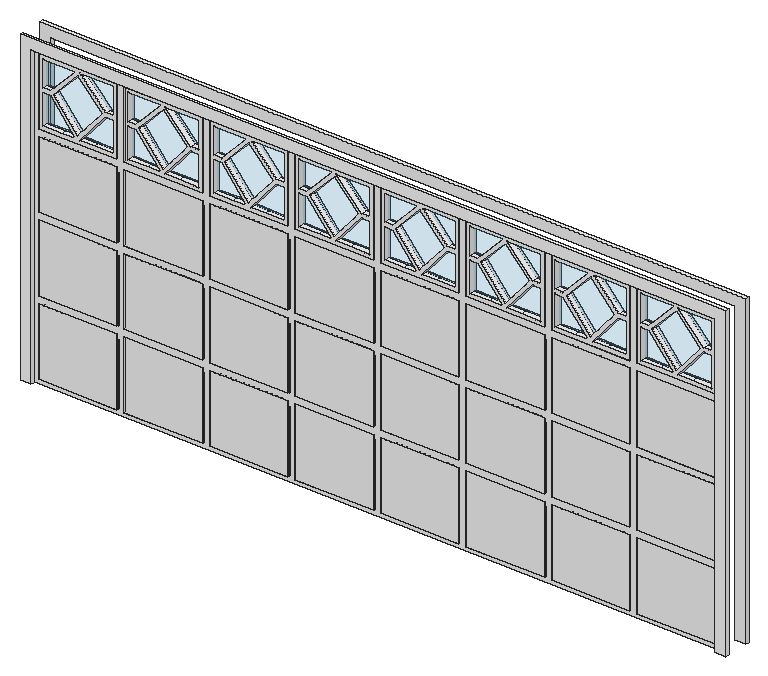
Revit family
Parameters (values of type "1639_Overhead_Panel_Garage_Door_Colonial_1953")
  Frame Projection Ext. = 0' - 1"
  Frame Projection Int. = 0' - 1"
  Frame Width = 0' - 3"
  Height = 7' - 0"
  Wall Closure = (empty or 0)
  Width = 16' - 0"
  Assembly Code = ""
Reference planes (in)
  plane 1 "Center (Front/Back)": y = 0
  plane 2 "Center (Left/Right)": x = 0
  plane 3 "Left": x = -96
  plane 4 "Right": x = 96
  plane 5 "Top": z = 84
  plane 6: x = 72
  plane 7: x = 48
  plane 8: x = 24
  plane 9: x = 0
  plane 10: x = -24
  plane 11: x = -48
  plane 12: x = -72
  plane 13: z = 63
  plane 14: z = 42
  plane 15: z = 21
  plane 16: z = 84
  plane 17: z = 0
  plane 18: z = 0
  plane 19: x = -96
Forms (in)
  Extrusion 1, solid, material "White"
    sketch origin (-90, 3, 0) x (-1, 0, 0) y (0, 0, 1)
      loop
        line (-186, 84) -> (6, 84) -> (6, 0) -> (9, 0) -> (9, 87) -> (-189, 87) -> (-189, 0) -> (-186, 0) -> (-186, 84)
    from 0 to 1
  Extrusion 2, solid, material "JOSHUA(DEFAULT)"
    sketch origin (-90, -3, 0) x (1, 0, 0) y (0, 0, 1)
      loop
        line (-6, 0) -> (-6, 84) -> (186, 84) -> (186, 0) -> (189, 0) -> (189, 87) -> (-9, 87) -> (-9, 0) -> (-6, 0)
    from 0 to 1
  Extrusion 3, solid, material "White"
    sketch origin (0, 0, 0) x (1, 0, 0) y (0, 0, 1)
      loop
        line (96, 84) -> (-96, 84) -> (-96, 0) -> (96, 0) -> (96, 84)
      loop
        line (95, 83) -> (73, 83) -> (73, 64) -> (95, 64) -> (95, 83)
      loop
        line (71, 83) -> (49, 83) -> (49, 64) -> (71, 64) -> (71, 83)
      loop
        line (47, 83) -> (25, 83) -> (25, 64) -> (47, 64) -> (47, 83)
      loop
        line (23, 83) -> (1, 83) -> (1, 64) -> (23, 64) -> (23, 83)
      loop
        line (-1, 83) -> (-23, 83) -> (-23, 64) -> (-1, 64) -> (-1, 83)
      loop
        line (-25, 83) -> (-47, 83) -> (-47, 64) -> (-25, 64) -> (-25, 83)
      loop
        line (-49, 83) -> (-71, 83) -> (-71, 64) -> (-49, 64) -> (-49, 83)
      loop
        line (-73, 83) -> (-95, 83) -> (-95, 64) -> (-73, 64) -> (-73, 83)
      loop
        line (95, 62) -> (73, 62) -> (73, 43) -> (95, 43) -> (95, 62)
      loop
        line (95, 20) -> (73, 20) -> (73, 1) -> (95, 1) -> (95, 20)
      loop
        line (95, 41) -> (73, 41) -> (73, 22) -> (95, 22) -> (95, 41)
      loop
        line (71, 41) -> (49, 41) -> (49, 22) -> (71, 22) -> (71, 41)
      loop
        line (71, 20) -> (49, 20) -> (49, 1) -> (71, 1) -> (71, 20)
      loop
        line (71, 62) -> (49, 62) -> (49, 43) -> (71, 43) -> (71, 62)
      loop
        line (47, 62) -> (25, 62) -> (25, 43) -> (47, 43) -> (47, 62)
      loop
        line (47, 41) -> (25, 41) -> (25, 22) -> (47, 22) -> (47, 41)
      loop
        line (47, 20) -> (25, 20) -> (25, 1) -> (47, 1) -> (47, 20)
      loop
        line (23, 62) -> (1, 62) -> (1, 43) -> (23, 43) -> (23, 62)
      loop
        line (23, 41) -> (1, 41) -> (1, 22) -> (23, 22) -> (23, 41)
      loop
        line (23, 20) -> (1, 20) -> (1, 1) -> (23, 1) -> (23, 20)
      loop
        line (-1, 62) -> (-23, 62) -> (-23, 43) -> (-1, 43) -> (-1, 62)
      loop
        line (-25, 41) -> (-47, 41) -> (-47, 22) -> (-25, 22) -> (-25, 41)
      loop
        line (-49, 20) -> (-71, 20) -> (-71, 1) -> (-49, 1) -> (-49, 20)
      loop
        line (-49, 62) -> (-71, 62) -> (-71, 43) -> (-49, 43) -> (-49, 62)
      loop
        line (-73, 62) -> (-95, 62) -> (-95, 43) -> (-73, 43) -> (-73, 62)
      loop
        line (-73, 41) -> (-95, 41) -> (-95, 22) -> (-73, 22) -> (-73, 41)
      loop
        line (-73, 20) -> (-95, 20) -> (-95, 1) -> (-73, 1) -> (-73, 20)
      loop
        line (-49, 41) -> (-71, 41) -> (-71, 22) -> (-49, 22) -> (-49, 41)
      loop
        line (-25, 62) -> (-47, 62) -> (-47, 43) -> (-25, 43) -> (-25, 62)
      loop
        line (-1, 41) -> (-23, 41) -> (-23, 22) -> (-1, 22) -> (-1, 41)
      loop
        line (-25, 20) -> (-47, 20) -> (-47, 1) -> (-25, 1) -> (-25, 20)
      loop
        line (-23, 20) -> (-23, 1) -> (-1, 1) -> (-1, 20) -> (-23, 20)
    from 2.5 to 0
  Blend 4, solid, material "White"
    base sketch origin (0, 0, 0) x (1, 0, 0) y (0, 0, 1)
      loop
        line (95, 62) -> (73, 62) -> (73, 43) -> (95, 43) -> (95, 62)
    top sketch origin (0, 0, 0) x (1, 0, 0) y (0, 0, 1)
      loop
        line (94, 61) -> (74, 61) -> (74, 44) -> (94, 44) -> (94, 61)
    from 2 to 0.5
  Extrusion 5, solid, material "White"
    sketch origin (0, 0, 0) x (1, 0, 0) y (0, 0, 1)
      loop
        line (95, 62) -> (73, 62) -> (73, 43) -> (95, 43) -> (95, 62)
    from 2 to 2.5
  Blend 6, solid, material "White"
    base sketch origin (-24, 0, 0) x (1, 0, 0) y (0, 0, 1)
      loop
        line (95, 62) -> (73, 62) -> (73, 43) -> (95, 43) -> (95, 62)
    top sketch origin (-24, 0, 0) x (1, 0, 0) y (0, 0, 1)
      loop
        line (94, 61) -> (74, 61) -> (74, 44) -> (94, 44) -> (94, 61)
    from 2 to 0.5
  Extrusion 7, solid, material "White"
    sketch origin (-24, 0, 0) x (1, 0, 0) y (0, 0, 1)
      loop
        line (95, 62) -> (73, 62) -> (73, 43) -> (95, 43) -> (95, 62)
    from 2 to 2.5
  Blend 8, solid, material "White"
    base sketch origin (-48, 0, 0) x (1, 0, 0) y (0, 0, 1)
      loop
        line (95, 62) -> (73, 62) -> (73, 43) -> (95, 43) -> (95, 62)
    top sketch origin (-48, 0, 0) x (1, 0, 0) y (0, 0, 1)
      loop
        line (94, 61) -> (74, 61) -> (74, 44) -> (94, 44) -> (94, 61)
    from 2 to 0.5
  Extrusion 9, solid, material "White"
    sketch origin (-48, 0, 0) x (1, 0, 0) y (0, 0, 1)
      loop
        line (95, 62) -> (73, 62) -> (73, 43) -> (95, 43) -> (95, 62)
    from 2 to 2.5
  Blend 10, solid, material "White"
    base sketch origin (-72, 0, 0) x (1, 0, 0) y (0, 0, 1)
      loop
        line (95, 62) -> (73, 62) -> (73, 43) -> (95, 43) -> (95, 62)
    top sketch origin (-72, 0, 0) x (1, 0, 0) y (0, 0, 1)
      loop
        line (94, 61) -> (74, 61) -> (74, 44) -> (94, 44) -> (94, 61)
    from 2 to 0.5
  Extrusion 11, solid, material "White"
    sketch origin (-72, 0, 0) x (1, 0, 0) y (0, 0, 1)
      loop
        line (95, 62) -> (73, 62) -> (73, 43) -> (95, 43) -> (95, 62)
    from 2 to 2.5
  Blend 12, solid, material "White"
    base sketch origin (-96, 0, 0) x (1, 0, 0) y (0, 0, 1)
      loop
        line (95, 62) -> (73, 62) -> (73, 43) -> (95, 43) -> (95, 62)
    top sketch origin (-96, 0, 0) x (1, 0, 0) y (0, 0, 1)
      loop
        line (94, 61) -> (74, 61) -> (74, 44) -> (94, 44) -> (94, 61)
    from 2 to 0.5
  Extrusion 13, solid, material "White"
    sketch origin (-96, 0, 0) x (1, 0, 0) y (0, 0, 1)
      loop
        line (95, 62) -> (73, 62) -> (73, 43) -> (95, 43) -> (95, 62)
    from 2 to 2.5
  Blend 14, solid, material "White"
    base sketch origin (-120, 0, 0) x (1, 0, 0) y (0, 0, 1)
      loop
        line (95, 62) -> (73, 62) -> (73, 43) -> (95, 43) -> (95, 62)
    top sketch origin (-120, 0, 0) x (1, 0, 0) y (0, 0, 1)
      loop
        line (94, 61) -> (74, 61) -> (74, 44) -> (94, 44) -> (94, 61)
    from 2 to 0.5
  Extrusion 15, solid, material "White"
    sketch origin (-120, 0, 0) x (1, 0, 0) y (0, 0, 1)
      loop
        line (95, 62) -> (73, 62) -> (73, 43) -> (95, 43) -> (95, 62)
    from 2 to 2.5
  Blend 16, solid, material "White"
    base sketch origin (-144, 0, 0) x (1, 0, 0) y (0, 0, 1)
      loop
        line (95, 62) -> (73, 62) -> (73, 43) -> (95, 43) -> (95, 62)
    top sketch origin (-144, 0, 0) x (1, 0, 0) y (0, 0, 1)
      loop
        line (94, 61) -> (74, 61) -> (74, 44) -> (94, 44) -> (94, 61)
    from 2 to 0.5
  Extrusion 17, solid, material "White"
    sketch origin (-144, 0, 0) x (1, 0, 0) y (0, 0, 1)
      loop
        line (95, 62) -> (73, 62) -> (73, 43) -> (95, 43) -> (95, 62)
    from 2 to 2.5
  Blend 18, solid, material "White"
    base sketch origin (0, 0, -21) x (1, 0, 0) y (0, 0, 1)
      loop
        line (95, 62) -> (73, 62) -> (73, 43) -> (95, 43) -> (95, 62)
    top sketch origin (0, 0, -21) x (1, 0, 0) y (0, 0, 1)
      loop
        line (94, 61) -> (74, 61) -> (74, 44) -> (94, 44) -> (94, 61)
    from 2 to 0.5
  Extrusion 19, solid, material "White"
    sketch origin (0, 0, -21) x (1, 0, 0) y (0, 0, 1)
      loop
        line (95, 62) -> (73, 62) -> (73, 43) -> (95, 43) -> (95, 62)
    from 2 to 2.5
  Blend 20, solid, material "White"
    base sketch origin (0, 0, -42) x (1, 0, 0) y (0, 0, 1)
      loop
        line (95, 62) -> (73, 62) -> (73, 43) -> (95, 43) -> (95, 62)
    top sketch origin (0, 0, -42) x (1, 0, 0) y (0, 0, 1)
      loop
        line (94, 61) -> (74, 61) -> (74, 44) -> (94, 44) -> (94, 61)
    from 2 to 0.5
  Extrusion 21, solid, material "White"
    sketch origin (0, 0, -42) x (1, 0, 0) y (0, 0, 1)
      loop
        line (95, 62) -> (73, 62) -> (73, 43) -> (95, 43) -> (95, 62)
    from 2 to 2.5
  Blend 22, solid, material "White"
    base sketch origin (-24, 0, -21) x (1, 0, 0) y (0, 0, 1)
      loop
        line (95, 62) -> (73, 62) -> (73, 43) -> (95, 43) -> (95, 62)
    top sketch origin (-24, 0, -21) x (1, 0, 0) y (0, 0, 1)
      loop
        line (94, 61) -> (74, 61) -> (74, 44) -> (94, 44) -> (94, 61)
    from 2 to 0.5
  Extrusion 23, solid, material "White"
    sketch origin (-24, 0, -21) x (1, 0, 0) y (0, 0, 1)
      loop
        line (95, 62) -> (73, 62) -> (73, 43) -> (95, 43) -> (95, 62)
    from 2 to 2.5
  Blend 24, solid, material "White"
    base sketch origin (-24, 0, -42) x (1, 0, 0) y (0, 0, 1)
      loop
        line (95, 62) -> (73, 62) -> (73, 43) -> (95, 43) -> (95, 62)
    top sketch origin (-24, 0, -42) x (1, 0, 0) y (0, 0, 1)
      loop
        line (94, 61) -> (74, 61) -> (74, 44) -> (94, 44) -> (94, 61)
    from 2 to 0.5
  Extrusion 25, solid, material "White"
    sketch origin (-24, 0, -42) x (1, 0, 0) y (0, 0, 1)
      loop
        line (95, 62) -> (73, 62) -> (73, 43) -> (95, 43) -> (95, 62)
    from 2 to 2.5
  Blend 26, solid, material "White"
    base sketch origin (-48, 0, -21) x (1, 0, 0) y (0, 0, 1)
      loop
        line (95, 62) -> (73, 62) -> (73, 43) -> (95, 43) -> (95, 62)
    top sketch origin (-48, 0, -21) x (1, 0, 0) y (0, 0, 1)
      loop
        line (94, 61) -> (74, 61) -> (74, 44) -> (94, 44) -> (94, 61)
    from 2 to 0.5
  Extrusion 27, solid, material "White"
    sketch origin (-48, 0, -21) x (1, 0, 0) y (0, 0, 1)
      loop
        line (95, 62) -> (73, 62) -> (73, 43) -> (95, 43) -> (95, 62)
    from 2 to 2.5
  Blend 28, solid, material "White"
    base sketch origin (-48, 0, -42) x (1, 0, 0) y (0, 0, 1)
      loop
        line (95, 62) -> (73, 62) -> (73, 43) -> (95, 43) -> (95, 62)
    top sketch origin (-48, 0, -42) x (1, 0, 0) y (0, 0, 1)
      loop
        line (94, 61) -> (74, 61) -> (74, 44) -> (94, 44) -> (94, 61)
    from 2 to 0.5
  Extrusion 29, solid, material "White"
    sketch origin (-48, 0, -42) x (1, 0, 0) y (0, 0, 1)
      loop
        line (95, 62) -> (73, 62) -> (73, 43) -> (95, 43) -> (95, 62)
    from 2 to 2.5
  Blend 30, solid, material "White"
    base sketch origin (-72, 0, -21) x (1, 0, 0) y (0, 0, 1)
      loop
        line (95, 62) -> (73, 62) -> (73, 43) -> (95, 43) -> (95, 62)
    top sketch origin (-72, 0, -21) x (1, 0, 0) y (0, 0, 1)
      loop
        line (94, 61) -> (74, 61) -> (74, 44) -> (94, 44) -> (94, 61)
    from 2 to 0.5
  Extrusion 31, solid, material "White"
    sketch origin (-72, 0, -21) x (1, 0, 0) y (0, 0, 1)
      loop
        line (95, 62) -> (73, 62) -> (73, 43) -> (95, 43) -> (95, 62)
    from 2 to 2.5
  Blend 32, solid, material "White"
    base sketch origin (-72, 0, -42) x (1, 0, 0) y (0, 0, 1)
      loop
        line (95, 62) -> (73, 62) -> (73, 43) -> (95, 43) -> (95, 62)
    top sketch origin (-72, 0, -42) x (1, 0, 0) y (0, 0, 1)
      loop
        line (94, 61) -> (74, 61) -> (74, 44) -> (94, 44) -> (94, 61)
    from 2 to 0.5
  Extrusion 33, solid, material "White"
    sketch origin (-72, 0, -42) x (1, 0, 0) y (0, 0, 1)
      loop
        line (95, 62) -> (73, 62) -> (73, 43) -> (95, 43) -> (95, 62)
    from 2 to 2.5
  Blend 34, solid, material "White"
    base sketch origin (-96, 0, -21) x (1, 0, 0) y (0, 0, 1)
      loop
        line (95, 62) -> (73, 62) -> (73, 43) -> (95, 43) -> (95, 62)
    top sketch origin (-96, 0, -21) x (1, 0, 0) y (0, 0, 1)
      loop
        line (94, 61) -> (74, 61) -> (74, 44) -> (94, 44) -> (94, 61)
    from 2 to 0.5
  Extrusion 35, solid, material "White"
    sketch origin (-96, 0, -21) x (1, 0, 0) y (0, 0, 1)
      loop
        line (95, 62) -> (73, 62) -> (73, 43) -> (95, 43) -> (95, 62)
    from 2 to 2.5
  Blend 36, solid, material "White"
    base sketch origin (-96, 0, -42) x (1, 0, 0) y (0, 0, 1)
      loop
        line (95, 62) -> (73, 62) -> (73, 43) -> (95, 43) -> (95, 62)
    top sketch origin (-96, 0, -42) x (1, 0, 0) y (0, 0, 1)
      loop
        line (94, 61) -> (74, 61) -> (74, 44) -> (94, 44) -> (94, 61)
    from 2 to 0.5
  Extrusion 37, solid, material "White"
    sketch origin (-96, 0, -42) x (1, 0, 0) y (0, 0, 1)
      loop
        line (95, 62) -> (73, 62) -> (73, 43) -> (95, 43) -> (95, 62)
    from 2 to 2.5
  Blend 38, solid, material "White"
    base sketch origin (-120, 0, -21) x (1, 0, 0) y (0, 0, 1)
      loop
        line (95, 62) -> (73, 62) -> (73, 43) -> (95, 43) -> (95, 62)
    top sketch origin (-120, 0, -21) x (1, 0, 0) y (0, 0, 1)
      loop
        line (94, 61) -> (74, 61) -> (74, 44) -> (94, 44) -> (94, 61)
    from 2 to 0.5
  Extrusion 39, solid, material "White"
    sketch origin (-120, 0, -21) x (1, 0, 0) y (0, 0, 1)
      loop
        line (95, 62) -> (73, 62) -> (73, 43) -> (95, 43) -> (95, 62)
    from 2 to 2.5
  Blend 40, solid, material "White"
    base sketch origin (-120, 0, -42) x (1, 0, 0) y (0, 0, 1)
      loop
        line (95, 62) -> (73, 62) -> (73, 43) -> (95, 43) -> (95, 62)
    top sketch origin (-120, 0, -42) x (1, 0, 0) y (0, 0, 1)
      loop
        line (94, 61) -> (74, 61) -> (74, 44) -> (94, 44) -> (94, 61)
    from 2 to 0.5
  Extrusion 41, solid, material "White"
    sketch origin (-120, 0, -42) x (1, 0, 0) y (0, 0, 1)
      loop
        line (95, 62) -> (73, 62) -> (73, 43) -> (95, 43) -> (95, 62)
    from 2 to 2.5
  Blend 42, solid, material "White"
    base sketch origin (-144, 0, -21) x (1, 0, 0) y (0, 0, 1)
      loop
        line (95, 62) -> (73, 62) -> (73, 43) -> (95, 43) -> (95, 62)
    top sketch origin (-144, 0, -21) x (1, 0, 0) y (0, 0, 1)
      loop
        line (94, 61) -> (74, 61) -> (74, 44) -> (94, 44) -> (94, 61)
    from 2 to 0.5
  Extrusion 43, solid, material "White"
    sketch origin (-144, 0, -21) x (1, 0, 0) y (0, 0, 1)
      loop
        line (95, 62) -> (73, 62) -> (73, 43) -> (95, 43) -> (95, 62)
    from 2 to 2.5
  Blend 44, solid, material "White"
    base sketch origin (-144, 0, -42) x (1, 0, 0) y (0, 0, 1)
      loop
        line (95, 62) -> (73, 62) -> (73, 43) -> (95, 43) -> (95, 62)
    top sketch origin (-144, 0, -42) x (1, 0, 0) y (0, 0, 1)
      loop
        line (94, 61) -> (74, 61) -> (74, 44) -> (94, 44) -> (94, 61)
    from 2 to 0.5
  Extrusion 45, solid, material "White"
    sketch origin (-144, 0, -42) x (1, 0, 0) y (0, 0, 1)
      loop
        line (95, 62) -> (73, 62) -> (73, 43) -> (95, 43) -> (95, 62)
    from 2 to 2.5
  Blend 46, solid, material "White"
    base sketch origin (-168, 0, -21) x (1, 0, 0) y (0, 0, 1)
      loop
        line (95, 62) -> (73, 62) -> (73, 43) -> (95, 43) -> (95, 62)
    top sketch origin (-168, 0, -21) x (1, 0, 0) y (0, 0, 1)
      loop
        line (94, 61) -> (74, 61) -> (74, 44) -> (94, 44) -> (94, 61)
    from 2 to 0.5
  Extrusion 47, solid, material "White"
    sketch origin (-168, 0, -21) x (1, 0, 0) y (0, 0, 1)
      loop
        line (95, 62) -> (73, 62) -> (73, 43) -> (95, 43) -> (95, 62)
    from 2 to 2.5
  Blend 48, solid, material "White"
    base sketch origin (-168, 0, -42) x (1, 0, 0) y (0, 0, 1)
      loop
        line (95, 62) -> (73, 62) -> (73, 43) -> (95, 43) -> (95, 62)
    top sketch origin (-168, 0, -42) x (1, 0, 0) y (0, 0, 1)
      loop
        line (94, 61) -> (74, 61) -> (74, 44) -> (94, 44) -> (94, 61)
    from 2 to 0.5
  Extrusion 49, solid, material "White"
    sketch origin (-168, 0, -42) x (1, 0, 0) y (0, 0, 1)
      loop
        line (95, 62) -> (73, 62) -> (73, 43) -> (95, 43) -> (95, 62)
    from 2 to 2.5
  Blend 50, solid, material "White"
    base sketch origin (-168, 0, 0) x (1, 0, 0) y (0, 0, 1)
      loop
        line (95, 62) -> (73, 62) -> (73, 43) -> (95, 43) -> (95, 62)
    top sketch origin (-168, 0, 0) x (1, 0, 0) y (0, 0, 1)
      loop
        line (94, 61) -> (74, 61) -> (74, 44) -> (94, 44) -> (94, 61)
    from 2 to 0.5
  Extrusion 51, solid, material "White"
    sketch origin (-168, 0, 0) x (1, 0, 0) y (0, 0, 1)
      loop
        line (95, 62) -> (73, 62) -> (73, 43) -> (95, 43) -> (95, 62)
    from 2 to 2.5
  Extrusion 52, solid, material "White"
    sketch origin (0, 0, 0) x (1, 0, 0) y (0, 0, 1)
      loop
        line (95, 83) -> (73, 83) -> (73, 64) -> (95, 64) -> (95, 83)
      loop
        line (94, 65) -> (94, 73.5) -> (91.75, 73.5) -> (84.5, 65) -> (88.5, 65) -> (94, 65)
      loop
        line (76.25, 73.5) -> (74, 73.5) -> (74, 65) -> (79.5, 65) -> (83.5, 65) -> (76.25, 73.5)
      loop
        line (94, 82) -> (84.5, 82) -> (91.75, 74.5) -> (94, 74.5) -> (94, 82)
      loop
        line (74, 82) -> (74, 74.5) -> (76.25, 74.5) -> (83.5, 82) -> (74, 82)
      loop
        line (90.85292, 73.98921) -> (84, 81.07844) -> (77.14708, 73.98921) -> (84, 65.95475) -> (90.85292, 73.98921)
    from 0.5 to 2.5
  Extrusion 53, solid, material "White"
    sketch origin (-24, 0, 0) x (1, 0, 0) y (0, 0, 1)
      loop
        line (95, 83) -> (73, 83) -> (73, 64) -> (95, 64) -> (95, 83)
      loop
        line (94, 65) -> (94, 73.5) -> (91.75, 73.5) -> (84.5, 65) -> (88.5, 65) -> (94, 65)
      loop
        line (76.25, 73.5) -> (74, 73.5) -> (74, 65) -> (79.5, 65) -> (83.5, 65) -> (76.25, 73.5)
      loop
        line (94, 82) -> (84.5, 82) -> (91.75, 74.5) -> (94, 74.5) -> (94, 82)
      loop
        line (74, 82) -> (74, 74.5) -> (76.25, 74.5) -> (83.5, 82) -> (74, 82)
      loop
        line (90.85292, 73.98921) -> (84, 81.07844) -> (77.14708, 73.98921) -> (84, 65.95475) -> (90.85292, 73.98921)
    from 0.5 to 2.5
  Extrusion 54, solid, material "Glass"
    sketch origin (-24, 0, 0) x (1, 0, 0) y (0, 0, 1)
      loop
        line (84, 81.07844) -> (77.14708, 73.98921) -> (84, 65.95475) -> (90.85292, 73.98921) -> (84, 81.07844)
      loop
        line (83.5, 65) -> (76.25, 73.5) -> (74, 73.5) -> (74, 65) -> (83.5, 65)
      loop
        line (83.5, 82) -> (74, 82) -> (74, 74.5) -> (76.25, 74.5) -> (83.5, 82)
      loop
        line (84.5, 65) -> (94, 65) -> (94, 73.5) -> (91.75, 73.5) -> (84.5, 65)
      loop
        line (84.5, 82) -> (91.75, 74.5) -> (94, 74.5) -> (94, 82) -> (84.5, 82)
      loop
        line (108, 81.07844) -> (101.14708, 73.98921) -> (108, 65.95475) -> (114.85292, 73.98921) -> (108, 81.07844)
      loop
        line (107.5, 65) -> (100.25, 73.5) -> (98, 73.5) -> (98, 65) -> (107.5, 65)
      loop
        line (107.5, 82) -> (98, 82) -> (98, 74.5) -> (100.25, 74.5) -> (107.5, 82)
      loop
        line (108.5, 65) -> (118, 65) -> (118, 73.5) -> (115.75, 73.5) -> (108.5, 65)
      loop
        line (108.5, 82) -> (115.75, 74.5) -> (118, 74.5) -> (118, 82) -> (108.5, 82)
    from 1 to 1.25
  Extrusion 55, solid, material "White"
    sketch origin (-48, 0, 0) x (1, 0, 0) y (0, 0, 1)
      loop
        line (95, 83) -> (73, 83) -> (73, 64) -> (95, 64) -> (95, 83)
      loop
        line (94, 65) -> (94, 73.5) -> (91.75, 73.5) -> (84.5, 65) -> (88.5, 65) -> (94, 65)
      loop
        line (76.25, 73.5) -> (74, 73.5) -> (74, 65) -> (79.5, 65) -> (83.5, 65) -> (76.25, 73.5)
      loop
        line (94, 82) -> (84.5, 82) -> (91.75, 74.5) -> (94, 74.5) -> (94, 82)
      loop
        line (74, 82) -> (74, 74.5) -> (76.25, 74.5) -> (83.5, 82) -> (74, 82)
      loop
        line (90.85292, 73.98921) -> (84, 81.07844) -> (77.14708, 73.98921) -> (84, 65.95475) -> (90.85292, 73.98921)
    from 0.5 to 2.5
  Extrusion 56, solid, material "White"
    sketch origin (-72, 0, 0) x (1, 0, 0) y (0, 0, 1)
      loop
        line (95, 83) -> (73, 83) -> (73, 64) -> (95, 64) -> (95, 83)
      loop
        line (94, 65) -> (94, 73.5) -> (91.75, 73.5) -> (84.5, 65) -> (88.5, 65) -> (94, 65)
      loop
        line (76.25, 73.5) -> (74, 73.5) -> (74, 65) -> (79.5, 65) -> (83.5, 65) -> (76.25, 73.5)
      loop
        line (94, 82) -> (84.5, 82) -> (91.75, 74.5) -> (94, 74.5) -> (94, 82)
      loop
        line (74, 82) -> (74, 74.5) -> (76.25, 74.5) -> (83.5, 82) -> (74, 82)
      loop
        line (90.85292, 73.98921) -> (84, 81.07844) -> (77.14708, 73.98921) -> (84, 65.95475) -> (90.85292, 73.98921)
    from 0.5 to 2.5
  Extrusion 57, solid, material "White"
    sketch origin (-96, 0, 0) x (1, 0, 0) y (0, 0, 1)
      loop
        line (95, 83) -> (73, 83) -> (73, 64) -> (95, 64) -> (95, 83)
      loop
        line (94, 65) -> (94, 73.5) -> (91.75, 73.5) -> (84.5, 65) -> (88.5, 65) -> (94, 65)
      loop
        line (76.25, 73.5) -> (74, 73.5) -> (74, 65) -> (79.5, 65) -> (83.5, 65) -> (76.25, 73.5)
      loop
        line (94, 82) -> (84.5, 82) -> (91.75, 74.5) -> (94, 74.5) -> (94, 82)
      loop
        line (74, 82) -> (74, 74.5) -> (76.25, 74.5) -> (83.5, 82) -> (74, 82)
      loop
        line (90.85292, 73.98921) -> (84, 81.07844) -> (77.14708, 73.98921) -> (84, 65.95475) -> (90.85292, 73.98921)
    from 0.5 to 2.5
  Extrusion 58, solid, material "White"
    sketch origin (-120, 0, 0) x (1, 0, 0) y (0, 0, 1)
      loop
        line (95, 83) -> (73, 83) -> (73, 64) -> (95, 64) -> (95, 83)
      loop
        line (94, 65) -> (94, 73.5) -> (91.75, 73.5) -> (84.5, 65) -> (88.5, 65) -> (94, 65)
      loop
        line (76.25, 73.5) -> (74, 73.5) -> (74, 65) -> (79.5, 65) -> (83.5, 65) -> (76.25, 73.5)
      loop
        line (94, 82) -> (84.5, 82) -> (91.75, 74.5) -> (94, 74.5) -> (94, 82)
      loop
        line (74, 82) -> (74, 74.5) -> (76.25, 74.5) -> (83.5, 82) -> (74, 82)
      loop
        line (90.85292, 73.98921) -> (84, 81.07844) -> (77.14708, 73.98921) -> (84, 65.95475) -> (90.85292, 73.98921)
    from 0.5 to 2.5
  Extrusion 59, solid, material "White"
    sketch origin (-144, 0, 0) x (1, 0, 0) y (0, 0, 1)
      loop
        line (95, 83) -> (73, 83) -> (73, 64) -> (95, 64) -> (95, 83)
      loop
        line (94, 65) -> (94, 73.5) -> (91.75, 73.5) -> (84.5, 65) -> (88.5, 65) -> (94, 65)
      loop
        line (76.25, 73.5) -> (74, 73.5) -> (74, 65) -> (79.5, 65) -> (83.5, 65) -> (76.25, 73.5)
      loop
        line (94, 82) -> (84.5, 82) -> (91.75, 74.5) -> (94, 74.5) -> (94, 82)
      loop
        line (74, 82) -> (74, 74.5) -> (76.25, 74.5) -> (83.5, 82) -> (74, 82)
      loop
        line (90.85292, 73.98921) -> (84, 81.07844) -> (77.14708, 73.98921) -> (84, 65.95475) -> (90.85292, 73.98921)
    from 0.5 to 2.5
  Extrusion 60, solid, material "White"
    sketch origin (-168, 0, 0) x (1, 0, 0) y (0, 0, 1)
      loop
        line (95, 83) -> (73, 83) -> (73, 64) -> (95, 64) -> (95, 83)
      loop
        line (94, 65) -> (94, 73.5) -> (91.75, 73.5) -> (84.5, 65) -> (88.5, 65) -> (94, 65)
      loop
        line (76.25, 73.5) -> (74, 73.5) -> (74, 65) -> (79.5, 65) -> (83.5, 65) -> (76.25, 73.5)
      loop
        line (94, 82) -> (84.5, 82) -> (91.75, 74.5) -> (94, 74.5) -> (94, 82)
      loop
        line (74, 82) -> (74, 74.5) -> (76.25, 74.5) -> (83.5, 82) -> (74, 82)
      loop
        line (90.85292, 73.98921) -> (84, 81.07844) -> (77.14708, 73.98921) -> (84, 65.95475) -> (90.85292, 73.98921)
    from 0.5 to 2.5
  Extrusion 61, solid, material "Glass"
    sketch origin (-72, 0, 0) x (1, 0, 0) y (0, 0, 1)
      loop
        line (84, 81.07844) -> (77.14708, 73.98921) -> (84, 65.95475) -> (90.85292, 73.98921) -> (84, 81.07844)
      loop
        line (83.5, 65) -> (76.25, 73.5) -> (74, 73.5) -> (74, 65) -> (83.5, 65)
      loop
        line (83.5, 82) -> (74, 82) -> (74, 74.5) -> (76.25, 74.5) -> (83.5, 82)
      loop
        line (84.5, 65) -> (94, 65) -> (94, 73.5) -> (91.75, 73.5) -> (84.5, 65)
      loop
        line (84.5, 82) -> (91.75, 74.5) -> (94, 74.5) -> (94, 82) -> (84.5, 82)
      loop
        line (108, 81.07844) -> (101.14708, 73.98921) -> (108, 65.95475) -> (114.85292, 73.98921) -> (108, 81.07844)
      loop
        line (107.5, 65) -> (100.25, 73.5) -> (98, 73.5) -> (98, 65) -> (107.5, 65)
      loop
        line (107.5, 82) -> (98, 82) -> (98, 74.5) -> (100.25, 74.5) -> (107.5, 82)
      loop
        line (108.5, 65) -> (118, 65) -> (118, 73.5) -> (115.75, 73.5) -> (108.5, 65)
      loop
        line (108.5, 82) -> (115.75, 74.5) -> (118, 74.5) -> (118, 82) -> (108.5, 82)
    from 1 to 1.25
  Extrusion 62, solid, material "Glass"
    sketch origin (-120, 0, 0) x (1, 0, 0) y (0, 0, 1)
      loop
        line (84, 81.07844) -> (77.14708, 73.98921) -> (84, 65.95475) -> (90.85292, 73.98921) -> (84, 81.07844)
      loop
        line (83.5, 65) -> (76.25, 73.5) -> (74, 73.5) -> (74, 65) -> (83.5, 65)
      loop
        line (83.5, 82) -> (74, 82) -> (74, 74.5) -> (76.25, 74.5) -> (83.5, 82)
      loop
        line (84.5, 65) -> (94, 65) -> (94, 73.5) -> (91.75, 73.5) -> (84.5, 65)
      loop
        line (84.5, 82) -> (91.75, 74.5) -> (94, 74.5) -> (94, 82) -> (84.5, 82)
      loop
        line (108, 81.07844) -> (101.14708, 73.98921) -> (108, 65.95475) -> (114.85292, 73.98921) -> (108, 81.07844)
      loop
        line (107.5, 65) -> (100.25, 73.5) -> (98, 73.5) -> (98, 65) -> (107.5, 65)
      loop
        line (107.5, 82) -> (98, 82) -> (98, 74.5) -> (100.25, 74.5) -> (107.5, 82)
      loop
        line (108.5, 65) -> (118, 65) -> (118, 73.5) -> (115.75, 73.5) -> (108.5, 65)
      loop
        line (108.5, 82) -> (115.75, 74.5) -> (118, 74.5) -> (118, 82) -> (108.5, 82)
    from 1 to 1.25
  Extrusion 63, solid, material "Glass"
    sketch origin (-168, 0, 0) x (1, 0, 0) y (0, 0, 1)
      loop
        line (84, 81.07844) -> (77.14708, 73.98921) -> (84, 65.95475) -> (90.85292, 73.98921) -> (84, 81.07844)
      loop
        line (83.5, 65) -> (76.25, 73.5) -> (74, 73.5) -> (74, 65) -> (83.5, 65)
      loop
        line (83.5, 82) -> (74, 82) -> (74, 74.5) -> (76.25, 74.5) -> (83.5, 82)
      loop
        line (84.5, 65) -> (94, 65) -> (94, 73.5) -> (91.75, 73.5) -> (84.5, 65)
      loop
        line (84.5, 82) -> (91.75, 74.5) -> (94, 74.5) -> (94, 82) -> (84.5, 82)
      loop
        line (108, 81.07844) -> (101.14708, 73.98921) -> (108, 65.95475) -> (114.85292, 73.98921) -> (108, 81.07844)
      loop
        line (107.5, 65) -> (100.25, 73.5) -> (98, 73.5) -> (98, 65) -> (107.5, 65)
      loop
        line (107.5, 82) -> (98, 82) -> (98, 74.5) -> (100.25, 74.5) -> (107.5, 82)
      loop
        line (108.5, 65) -> (118, 65) -> (118, 73.5) -> (115.75, 73.5) -> (108.5, 65)
      loop
        line (108.5, 82) -> (115.75, 74.5) -> (118, 74.5) -> (118, 82) -> (108.5, 82)
    from 1 to 1.25
Lines and regions (in)
  Opening 1
    outline origin (-90, -3, 0) x (1, 0, 0) y (0, 0, 1)
      loop
        line (-6, 0) -> (186, 0) -> (186, 84) -> (-6, 84) -> (-6, 0)
Text (in)
  text "Exterior" at (-58.67754, 27.31104, 0), in view "Ref. Level"
  text "Interior" at (-58.34764, -25.14366, 0), in view "Ref. Level"
  text "Exterior" at (0, 40.15149, 123.01588), in view "Right"
  text "Interior" at (0, -64.39139, 123.01588), in view "Right"
  text "Interior" at (0, -31.01599, 123.00693), in view "Left"
  text "Exterior" at (0, 54.57065, 123.00693), in view "Left"
